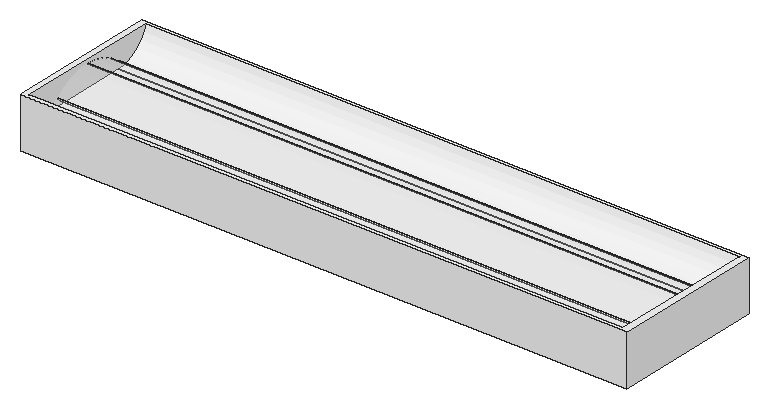
Revit family "LCAT-G", category Lighting Fixtures, host Face, Revit 2014
Parameters (values of type "LCAT-G-14")
  zz Length = Row Length - 1"  # 47"
  Width = 12"
  Warranty = "Five-year warranty"  # constant formula
  Voltage = 120 V
  Wattage Comments = "40-80 W"  # constant formula
  URL = "https://www.hubbell.com/columbialighting/en/"
  Product Page URL = "https://www.hubbell.com/columbialighting/en/Products/Lighting-Controls/Commercial-Indoor-Lighting/Recessed-Linear-Troffers/LCAT/p/222238"
  Product Documentation Link = "https://hubbellcdn.com/specsheet/lcat14.pdf"
  Photometric Web = Web LCAT : LCAT14-30MLG-EDU
  Model = "LCAT-G"  # constant formula
  Manufacturer = "Columbia Lighting"  # constant formula
  Row Length = 48"
  Load Classification = Lighting
  Lamp = "LED lamp"  # constant formula
  Light Bulb = Hubbell - White Glass
  Description = "LCAT provides both design and value with an architectural appearance, LED technology to reduce maintenance and a wide range of options for classrooms, offices, retail and health care applications"  # constant formula
  Default Elevation = 48"
  Backbox = Hubbell - White
  Apparent Load = 0 VA
Types (4): name | zz Length | Width | URL | Product Page URL | Product Documentation Link | Photometric Web | Row Length | Load Classification
  (no name) | 47" | 12" | "https://www.hubbell.com/columbialighting/en/" | "https://www.hubbell.com/columbialighting/en/Products/Lighting-Controls/Commercial-Indoor-Lighting/Recessed-Linear-Troffers/LCAT/p/222238" | "https://hubbellcdn.com/specsheet/lcat14.pdf" | Web LCAT : LCAT14-30MLG-EDU | 48" | Lighting
  LCAT-G-14 | 47" | 12" | "https://www.hubbell.com/columbialighting/en/" | "https://www.hubbell.com/columbialighting/en/Products/Lighting-Controls/Commercial-Indoor-Lighting/Recessed-Linear-Troffers/LCAT/p/222238" | "https://hubbellcdn.com/specsheet/lcat14.pdf" | Web LCAT : LCAT14-30MLG-EDU | 48" | Lighting
  LCAT-G-22 | 23" | 23 3/4" | "http://www.columbialighting.com/" | "http://www.columbialighting.com/products/lcat" | "http://cdn.columbialighting.com/content/products/specs/specs_files/lcat22.pdf" | Web LCAT : LCAT22-40VLG-EDU | 24" | Other
  LCAT-G-24 | 47" | 25" | "http://www.columbialighting.com/" | "http://www.columbialighting.com/products/lcat" | "http://cdn.columbialighting.com/content/products/specs/specs_files/lcat24.pdf" | Web LCAT : LCAT24-40XLG-EDU | 48" | Other
Reference planes (in)
  plane 1 "Center (Front/Back)": y = 0.03999
  plane 2: z = 0
  plane 3 "Center (Left/Right)": x = 1.66944
  plane 4: x = -22.33056
  plane 5: x = 25.66944
  plane 6: z = -4
  plane 7: y = -5.96001
  plane 8: y = 6.03999
  plane 9: z = 0.125
Forms (in)
  Extrusion 1, void
    sketch origin (0, 0.03999, 0) x (1, 0, 0) y (0, 0, 1)
      loop
        line (-22.33056, 0) -> (-22.33056, -4) -> (25.66944, -4) -> (25.66944, 0) -> (-22.33056, 0)
    from -6 to 6
Dimensions and locks (in)
  equal spacing: plane 5, plane 3 "Center (Left/Right)", plane 4
  "Row Length": plane 5 to plane 4
  equal spacing: plane 7, plane 1 "Center (Front/Back)", plane 8
  "Width": plane 7 to plane 8
  plane 9 to plane 2 = 1/8"
  aligned and locked: plane 2 to host face
  aligned and locked: level to host face
  aligned and locked: Extrusion 1 sketch curve to level
  aligned and locked: plane 4 to Extrusion 1 sketch curve
  aligned and locked: Extrusion 1 sketch curve to plane 5
  aligned and locked: plane 6 to Extrusion 1 sketch curve
  aligned and locked: Extrusion 1 to plane 8
  aligned and locked: plane 3 "Center (Left/Right)" to nested 1
  aligned and locked: plane 1 "Center (Front/Back)" to nested 1
  aligned and locked: Extrusion 1 to plane 7
  aligned and locked: plane 3 "Center (Left/Right)" to nested 2
Automatic sketch dimensions
  host sketch curve to host sketch curve = 96"  (x2)
Nested families (in)
  nested 1: "LED Contemporary Architectural Troffer" at (1.66944, 0.03999, -4), Glass <- "Light Bulb", Finish <- "Backbox", Width <- "Width", Row Length <- "Row Length", type "LED Contemporary Architectural Troffer"
    with Width 12", Row Length 48", Height 4", Glass Hubbell - White Glass, Finish Hubbell - White
  nested 2: "Web LCAT" at (1.70943, 0.27895, 0.12811) x (0, 1, 0) z (0, 0, 1), type <- "Photometric Web", type "LCAT14-30MLG-EDU"
Connectors (in)
  electrical at (1.66944, 0.03999, -4), driven by "Voltage", driven by "Description", driven by "Load Classification"
    settings: on nested 1, index 1, voltage 120 V, apparent load 0 VA, apparent load phase1 0 VA, apparent load phase2 0 VA, apparent load phase3 0 VA, power factor 1, load classification "Lighting", number of poles 1, system type 30, power factor state 1, is connector primary yes, connector utility no, sub classification motor no, connector description "LCAT provides both design and value with an architectural appearance, LED technology to reduce maintenance and a wide range of options for classrooms, offices, retail and health care applications"
Definition of nested family "LED Contemporary Architectural Troffer"
  Parameters (values of type "LED Contemporary Architectural Troffer")
    Width [instance] = 24"
    Row Length [instance] = 24"
    Height [instance] = 4"
    Glass [instance] = none
    Finish [instance] = none
    Default Elevation = 48"
  Reference planes (in)
    plane 1 "Center (Front/Back)": y = 0
    plane 2: z = 0
    plane 3 "Center (Left/Right)": x = 0
    plane 4: x = 12
    plane 5: x = -12
    plane 6: y = -12
    plane 7: y = 12
    plane 8: z = 4
    plane 9: x = -11.5
    plane 10: x = 11.5
    plane 11: y = -3
    plane 12: y = 3
    plane 13: z = 2
    plane 14: y = -11.75
    plane 15: y = 11.75
    plane 16: z = 0.25
  Forms (in)
    Extrusion 1, solid
      sketch origin (0, 0, 0) x (1, 0, 0) y (0, 1, 0)
        loop
          line (-48, 48) -> (-48, -48) -> (48, -48) -> (48, 48) -> (-48, 48)
      from 0 to -12
    Extrusion 2, solid, material <- "Glass"
      sketch origin (0, 0, 0) x (0, 1, 0) y (0, 0, 1)
        loop
          arc (-3.0054, 2) -> (-3.2554, 2.25) -> (-3.0054, 2.5) r 0.25
          arc (-3.0054, 2.5) -> (-1.62233, 3.40315) -> (0, 3.71395) r 4.27102
          arc (0, 3.71395) -> (1.62233, 3.40315) -> (3.0054, 2.5) r 4.27102
          arc (3.0054, 2.5) -> (3.2554, 2.25) -> (3.0054, 2) r 0.25
          line (3.0054, 2) -> (3.0054, 1.89823)
          arc (3.0054, 1.89823) -> (3.35619, 2.24902) -> (3.0054, 2.59982) r 0.35079
          arc (3.0054, 2.59982) -> (1.6184, 3.48995) -> (0, 3.80122) r 4.35698
          arc (0, 3.80122) -> (-1.6184, 3.48995) -> (-3.0054, 2.59982) r 4.35698
          arc (-3.0054, 2.59982) -> (-3.35619, 2.24902) -> (-3.0054, 1.89823) r 0.35079
          line (-3.0054, 1.89823) -> (-3.0054, 2)
      from -11.5 to 11.5
    Extrusion 3, solid, material <- "Finish"
      sketch origin (0, 0, 0) x (0, 1, 0) y (0, 0, 1)
        loop
          line (-12, 4) -> (-12, 0) -> (12, 0) -> (12, 4) -> (-12, 4)
      from 11.5 to 12
    Extrusion 4, solid, material <- "Finish"
      sketch origin (0, 0, 0) x (0, 1, 0) y (0, 0, 1)
        loop
          line (12, 4) -> (-12, 4) -> (-12, 0) -> (12, 0) -> (12, 4)
      from -12 to -11.5
    Extrusion 5, solid, material <- "Finish"
      sketch origin (0, 0, 0) x (0, 1, 0) y (0, 0, 1)
        loop
          line (-12, 0) -> (12, 0) -> (12, 4) -> (11.75, 4) -> (11.75, 0.25) -> (-11.75, 0.25) -> (-11.75, 4) -> (-12, 4) -> (-12, 0)
      from -11.5 to 11.5
    Extrusion 6, solid, material <- "Finish"
      sketch origin (0, 0, 0) x (0, 1, 0) y (0, 0, 1)
        loop
          arc (-3, 2) -> (-7.48783, 2.50637) -> (-11.75, 4) r 20.14062
          line (-11.75, 4) -> (-11.75, 0.25) -> (11.75, 0.25) -> (11.75, 4)
          arc (11.75, 4) -> (7.48783, 2.50637) -> (3, 2) r 20.14062
          line (3, 2) -> (-3, 2)
      from -12 to 12
  Cuts and joins
    joined: Extrusion 3, Extrusion 4, Extrusion 5, Extrusion 6
  Dimensions and locks (in)
    equal spacing: plane 4, plane 3 "Center (Left/Right)", plane 5
    "Row Length": plane 4 to plane 5
    equal spacing: plane 6, plane 1 "Center (Front/Back)", plane 7
    "Width": plane 6 to plane 7
    "Height": plane 8 to plane 2
    equal spacing: plane 10, plane 3 "Center (Left/Right)", plane 9
    locked: plane 9 to plane 5 at 0.5
    equal spacing: plane 11, plane 1 "Center (Front/Back)", plane 12
    locked: plane 11 to plane 1 "Center (Front/Back)" at 3
    locked: plane 6 to plane 14 at 0.25
    equal spacing: plane 14, plane 1 "Center (Front/Back)", plane 15
    locked: plane 16 to level at 0.25
    level to Extrusion 5 = 4"
    aligned and locked: plane 2 to Extrusion 1
    aligned and locked: level to Extrusion 1
    aligned and locked: Extrusion 2 to plane 10
    aligned and locked: Extrusion 2 to plane 9
    aligned and locked: plane 8 to Extrusion 3 sketch curve
    aligned and locked: plane 6 to Extrusion 3 sketch curve
    aligned and locked: level to Extrusion 3 sketch curve
    aligned and locked: Extrusion 3 sketch curve to plane 7
    aligned and locked: plane 4 to Extrusion 3
    aligned and locked: plane 10 to Extrusion 3
    aligned and locked: Extrusion 4 sketch curve to Extrusion 3  (x4)
    aligned and locked: Extrusion 4 to plane 5
    aligned and locked: plane 9 to Extrusion 4
    aligned and locked: Extrusion 5 sketch curve to Extrusion 3  (x4)
    aligned and locked: plane 8 to Extrusion 5 sketch curve
    aligned and locked: Extrusion 5 sketch curve to plane 14
    aligned and locked: plane 16 to Extrusion 5 sketch curve
    aligned and locked: Extrusion 5 sketch curve to plane 15
    aligned and locked: Extrusion 5 to plane 10
    aligned and locked: Extrusion 5 to plane 9
    aligned and locked: plane 13 to Extrusion 6 sketch curve
    aligned and locked: plane 12 to Extrusion 6 sketch curve
    aligned and locked: plane 11 to Extrusion 6 sketch curve
    aligned and locked: Extrusion 6 sketch curve to plane 14
    aligned and locked: plane 16 to Extrusion 6 sketch curve
    aligned and locked: Extrusion 6 sketch curve to plane 15
    aligned and locked: plane 4 to Extrusion 6
    aligned and locked: Extrusion 6 to plane 5
  Automatic sketch dimensions
    Extrusion 1 sketch curve to Extrusion 1 sketch curve = 96"  (x2)
    plane 13 to Extrusion 2 sketch curve = 0"  (x2)
    Extrusion 2 sketch curve to plane 1 "Center (Front/Back)" = 0"  (x2)
    plane 1 "Center (Front/Back)" to Extrusion 2 sketch curve = 0.00113"
    Extrusion 2 sketch curve to Extrusion 2 sketch curve = 0.0216"  (x2)
    Extrusion 2 sketch curve to plane 11 = 0.0054"
    Extrusion 2 sketch curve to plane 1 "Center (Front/Back)" = 0.00113"
    Extrusion 2 sketch curve to plane 12 = 0.0054"
    plane 13 to Extrusion 2 sketch curve = 0.10177"  (x2)
    Extrusion 2 sketch curve to level = 0.55575"
    Extrusion 2 sketch curve to Extrusion 2 sketch curve = 0"
    Extrusion 2 sketch curve to Extrusion 2 sketch curve = 0.00126"  (x2)
    Extrusion 2 sketch curve to Extrusion 2 sketch curve = 0.24902"
    Extrusion 2 sketch curve to Extrusion 2 sketch curve = 0.00098"
    plane 8 to Extrusion 6 sketch curve = 0"  (x2)
Definition of nested family "Web LCAT"
  Parameters (values of type "LCAT24-50XLG-EDU")
    Wattage Comments = ""
    Wattage = 80 W
    built-in parameter 1150110 = 1 (stored number, unit not read)
    URL = ""
    built-in parameter 1114217 = 1 (stored number, unit not read)
    Tilt Angle = 90.00°
    built-in parameter 1150109 = 1 (stored number, unit not read)
    built-in parameter 1150134 = 2
    built-in parameter 1150113 = 1 (stored number, unit not read)
    Product Page URL = ""
    Product Documentation Link = ""
    Photometric Web File = "LCAT24-50XLG-EDU.ies"
    Model = ""
    Manufacturer Phone = ""
    Manufacturer Fax = ""
    Manufacturer = ""
    built-in parameter 1150105 = 585.69 (stored number, unit not read)
    Lumens = 7360 lm
    built-in parameter 1150115 = 1 (stored number, unit not read)
    built-in parameter 1150137 = (empty or 0)
    built-in parameter 1150139 = (empty or 0)
    built-in parameter 1150112 = 1 (stored number, unit not read)
    built-in parameter 1150114 = 1 (stored number, unit not read)
    Lamp = ""
    built-in parameter 1150132 = (empty or 0)
    built-in parameter 1150102 = (empty or 0)
    built-in parameter 1150107 = 5000 (stored number, unit not read)
    built-in parameter 1150138 = (empty or 0)
    built-in parameter 1150106 = 5.8569 (stored number, unit not read)
    Emit from Rectangle Width = 6"
    Emit from Rectangle Length = 47"
    Emit Shape Visible in Rendering = no
    built-in parameter 1150104 = 8.5471 (stored number, unit not read)
    Dimming Lamp Color Temperature Shift = (empty or 0)
    Description = ""
    Default Elevation = 48"
    Color Filter = 16777215
    built-in parameter 1114218 = 1 (stored number, unit not read)
    built-in parameter 1150133 = 10 (stored number, unit not read)
  Types (52): name | Wattage | built-in parameter 1150134 | Photometric Web File | built-in parameter 1150105 | Lumens | built-in parameter 1150107 | built-in parameter 1150106 | Emit from Rectangle Length | built-in parameter 1150104
    LCAT14-30HLG-EDU | 49 W | (empty or 0) | "LCAT14-30HLG-EDU.ies" | 382.13 (stored number, unit not read) | 4802 lm | 3000 (stored number, unit not read) | 3.8213 (stored number, unit not read) | 47" | 9.1045 (stored number, unit not read)
    LCAT14-30LWG-EDU | 40 W | (empty or 0) | "LCAT14-30LWG-EDU.ies" | 321.49 (stored number, unit not read) | 4040 lm | 3000 (stored number, unit not read) | 3.2149 (stored number, unit not read) | 47" | 9.3832 (stored number, unit not read)
    LCAT14-30MLG-EDU | 40 W | (empty or 0) | "LCAT14-30MLG-EDU.ies" | 337.41 (stored number, unit not read) | 4240 lm | 3000 (stored number, unit not read) | 3.3741 (stored number, unit not read) | 47" | 9.8477 (stored number, unit not read)
    LCAT14-30VLG-EDU | 65 W | (empty or 0) | "LCAT14-30VLG-EDU.ies" | 506.91 (stored number, unit not read) | 6370 lm | 3000 (stored number, unit not read) | 5.0691 (stored number, unit not read) | 47" | 9.1045 (stored number, unit not read)
    LCAT14-35HLG-EDU | 49 W | (empty or 0) | "LCAT14-35HLG-EDU.ies" | 382.13 (stored number, unit not read) | 4802 lm | 3500 (stored number, unit not read) | 3.8213 (stored number, unit not read) | 47" | 9.1045 (stored number, unit not read)
    LCAT14-35LWG-EDU | 40 W | (empty or 0) | "LCAT14-35LWG-EDU.ies" | 321.49 (stored number, unit not read) | 4040 lm | 3500 (stored number, unit not read) | 3.2149 (stored number, unit not read) | 47" | 9.3832 (stored number, unit not read)
    LCAT14-35MLG-EDU | 40 W | (empty or 0) | "LCAT14-35MLG-EDU.ies" | 337.41 (stored number, unit not read) | 4240 lm | 3500 (stored number, unit not read) | 3.3741 (stored number, unit not read) | 47" | 9.8477 (stored number, unit not read)
    LCAT14-35VLG-EDU | 65 W | (empty or 0) | "LCAT14-35VLG-EDU.ies" | 506.91 (stored number, unit not read) | 6370 lm | 3500 (stored number, unit not read) | 5.0691 (stored number, unit not read) | 47" | 9.1045 (stored number, unit not read)
    LCAT14-40HLG-EDU | 49 W | 12 | "LCAT14-40HLG-EDU.ies" | 382.13 (stored number, unit not read) | 4802 lm | 4000 (stored number, unit not read) | 3.8213 (stored number, unit not read) | 47" | 9.1045 (stored number, unit not read)
    LCAT14-40LWG-EDU | 40 W | 12 | "LCAT14-40LWG-EDU.ies" | 321.49 (stored number, unit not read) | 4040 lm | 4000 (stored number, unit not read) | 3.2149 (stored number, unit not read) | 47" | 9.3832 (stored number, unit not read)
    LCAT14-40MLG-EDU | 40 W | 12 | "LCAT14-40MLG-EDU.ies" | 337.41 (stored number, unit not read) | 4240 lm | 4000 (stored number, unit not read) | 3.3741 (stored number, unit not read) | 47" | 9.8477 (stored number, unit not read)
    LCAT14-40VLG-EDU | 65 W | 12 | "LCAT14-40VLG-EDU.ies" | 506.91 (stored number, unit not read) | 6370 lm | 4000 (stored number, unit not read) | 5.0691 (stored number, unit not read) | 47" | 9.1045 (stored number, unit not read)
    LCAT14-50HLG-EDU | 49 W | 2 | "LCAT14-50HLG-EDU.ies" | 382.13 (stored number, unit not read) | 4802 lm | 5000 (stored number, unit not read) | 3.8213 (stored number, unit not read) | 47" | 9.1045 (stored number, unit not read)
    LCAT14-50LWG-EDU | 40 W | 2 | "LCAT14-50LWG-EDU.ies" | 321.49 (stored number, unit not read) | 4040 lm | 5000 (stored number, unit not read) | 3.2149 (stored number, unit not read) | 47" | 9.3832 (stored number, unit not read)
    LCAT14-50MLG-EDU | 40 W | 2 | "LCAT14-50MLG-EDU.ies" | 337.41 (stored number, unit not read) | 4240 lm | 5000 (stored number, unit not read) | 3.3741 (stored number, unit not read) | 47" | 9.8477 (stored number, unit not read)
    LCAT14-50VLG-EDU | 65 W | 2 | "LCAT14-50VLG-EDU.ies" | 506.91 (stored number, unit not read) | 6370 lm | 5000 (stored number, unit not read) | 5.0691 (stored number, unit not read) | 47" | 9.1045 (stored number, unit not read)
    LCAT22-30HLG-EDU | 49 W | (empty or 0) | "LCAT22-30HLG-EDU.ies" | 382.13 (stored number, unit not read) | 4802 lm | 3000 (stored number, unit not read) | 3.8213 (stored number, unit not read) | 23" | 9.1045 (stored number, unit not read)
    LCAT22-30LWG-EDU | 40 W | (empty or 0) | "LCAT22-30LWG-EDU.ies" | 321.49 (stored number, unit not read) | 4040 lm | 3000 (stored number, unit not read) | 3.2149 (stored number, unit not read) | 23" | 9.3832 (stored number, unit not read)
    LCAT22-30MLG-EDU | 40 W | (empty or 0) | "LCAT22-30MLG-EDU.ies" | 337.41 (stored number, unit not read) | 4240 lm | 3000 (stored number, unit not read) | 3.3741 (stored number, unit not read) | 23" | 9.8477 (stored number, unit not read)
    LCAT22-30VLG-EDU | 65 W | (empty or 0) | "LCAT22-30VLG-EDU.ies" | 506.91 (stored number, unit not read) | 6370 lm | 3000 (stored number, unit not read) | 5.0691 (stored number, unit not read) | 23" | 9.1045 (stored number, unit not read)
    LCAT22-35HLG-EDU | 49 W | (empty or 0) | "LCAT22-35HLG-EDU.ies" | 382.13 (stored number, unit not read) | 4802 lm | 3500 (stored number, unit not read) | 3.8213 (stored number, unit not read) | 23" | 9.1045 (stored number, unit not read)
    LCAT22-35LWG-EDU | 40 W | (empty or 0) | "LCAT22-35LWG-EDU.ies" | 321.49 (stored number, unit not read) | 4040 lm | 3500 (stored number, unit not read) | 3.2149 (stored number, unit not read) | 23" | 9.3832 (stored number, unit not read)
    LCAT22-35MLG-EDU | 40 W | (empty or 0) | "LCAT22-35MLG-EDU.ies" | 337.41 (stored number, unit not read) | 4240 lm | 3500 (stored number, unit not read) | 3.3741 (stored number, unit not read) | 23" | 9.8477 (stored number, unit not read)
    LCAT22-35VLG-EDU | 65 W | (empty or 0) | "LCAT22-35VLG-EDU.ies" | 506.91 (stored number, unit not read) | 6370 lm | 3500 (stored number, unit not read) | 5.0691 (stored number, unit not read) | 23" | 9.1045 (stored number, unit not read)
    LCAT22-40HLG-EDU | 49 W | 12 | "LCAT22-40HLG-EDU.ies" | 382.13 (stored number, unit not read) | 4802 lm | 4000 (stored number, unit not read) | 3.8213 (stored number, unit not read) | 23" | 9.1045 (stored number, unit not read)
    LCAT22-40LWG-EDU | 40 W | 12 | "LCAT22-40LWG-EDU.ies" | 321.49 (stored number, unit not read) | 4040 lm | 4000 (stored number, unit not read) | 3.2149 (stored number, unit not read) | 23" | 9.3832 (stored number, unit not read)
    LCAT22-40MLG-EDU | 40 W | 12 | "LCAT22-40MLG-EDU.ies" | 337.41 (stored number, unit not read) | 4240 lm | 4000 (stored number, unit not read) | 3.3741 (stored number, unit not read) | 23" | 9.8477 (stored number, unit not read)
    LCAT22-40VLG-EDU | 65 W | 12 | "LCAT22-40VLG-EDU.ies" | 506.91 (stored number, unit not read) | 6370 lm | 4000 (stored number, unit not read) | 5.0691 (stored number, unit not read) | 23" | 9.1045 (stored number, unit not read)
    LCAT22-50HLG-EDU | 49 W | 2 | "LCAT22-50HLG-EDU.ies" | 382.13 (stored number, unit not read) | 4802 lm | 5000 (stored number, unit not read) | 3.8213 (stored number, unit not read) | 23" | 9.1045 (stored number, unit not read)
    LCAT22-50LWG-EDU | 40 W | 2 | "LCAT22-50LWG-EDU.ies" | 321.49 (stored number, unit not read) | 4040 lm | 5000 (stored number, unit not read) | 3.2149 (stored number, unit not read) | 23" | 9.3832 (stored number, unit not read)
    LCAT22-50MLG-EDU | 40 W | 2 | "LCAT22-50MLG-EDU.ies" | 337.41 (stored number, unit not read) | 4240 lm | 5000 (stored number, unit not read) | 3.3741 (stored number, unit not read) | 23" | 9.8477 (stored number, unit not read)
    LCAT22-50VLG-EDU | 65 W | 2 | "LCAT22-50VLG-EDU.ies" | 506.91 (stored number, unit not read) | 6370 lm | 5000 (stored number, unit not read) | 5.0691 (stored number, unit not read) | 23" | 9.1045 (stored number, unit not read)
    LCAT24-30HLG-EDU | 49 W | (empty or 0) | "LCAT24-30HLG-EDU.ies" | 382.13 (stored number, unit not read) | 4802 lm | 3000 (stored number, unit not read) | 3.8213 (stored number, unit not read) | 47" | 9.1045 (stored number, unit not read)
    LCAT24-30LWG-EDU | 40 W | (empty or 0) | "LCAT24-30LWG-EDU.ies" | 321.49 (stored number, unit not read) | 4040 lm | 3000 (stored number, unit not read) | 3.2149 (stored number, unit not read) | 47" | 9.3832 (stored number, unit not read)
    LCAT24-30MLG-EDU | 40 W | (empty or 0) | "LCAT24-30MLG-EDU.ies" | 337.41 (stored number, unit not read) | 4240 lm | 3000 (stored number, unit not read) | 3.3741 (stored number, unit not read) | 47" | 9.8477 (stored number, unit not read)
    LCAT24-30VLG-EDU | 65 W | (empty or 0) | "LCAT24-30VLG-EDU.ies" | 506.91 (stored number, unit not read) | 6370 lm | 3000 (stored number, unit not read) | 5.0691 (stored number, unit not read) | 47" | 9.1045 (stored number, unit not read)
    LCAT24-30XLG-EDU | 80 W | (empty or 0) | "LCAT24-30XLG-EDU.ies" | 585.69 (stored number, unit not read) | 7360 lm | 3000 (stored number, unit not read) | 5.8569 (stored number, unit not read) | 47" | 8.5471 (stored number, unit not read)
    LCAT24-35HLG-EDU | 49 W | (empty or 0) | "LCAT24-35HLG-EDU.ies" | 382.13 (stored number, unit not read) | 4802 lm | 3500 (stored number, unit not read) | 3.8213 (stored number, unit not read) | 47" | 9.1045 (stored number, unit not read)
    LCAT24-35LWG-EDU | 40 W | (empty or 0) | "LCAT24-35LWG-EDU.ies" | 321.49 (stored number, unit not read) | 4040 lm | 3500 (stored number, unit not read) | 3.2149 (stored number, unit not read) | 47" | 9.3832 (stored number, unit not read)
    LCAT24-35MLG-EDU | 40 W | (empty or 0) | "LCAT24-35MLG-EDU.ies" | 337.41 (stored number, unit not read) | 4240 lm | 3500 (stored number, unit not read) | 3.3741 (stored number, unit not read) | 47" | 9.8477 (stored number, unit not read)
    LCAT24-35VLG-EDU | 65 W | (empty or 0) | "LCAT24-35VLG-EDU.ies" | 506.91 (stored number, unit not read) | 6370 lm | 3500 (stored number, unit not read) | 5.0691 (stored number, unit not read) | 47" | 9.1045 (stored number, unit not read)
    LCAT24-35XLG-EDU | 80 W | (empty or 0) | "LCAT24-35XLG-EDU.ies" | 585.69 (stored number, unit not read) | 7360 lm | 3500 (stored number, unit not read) | 5.8569 (stored number, unit not read) | 47" | 8.5471 (stored number, unit not read)
    LCAT24-40HLG-EDU | 49 W | 12 | "LCAT24-40HLG-EDU.ies" | 382.13 (stored number, unit not read) | 4802 lm | 4000 (stored number, unit not read) | 3.8213 (stored number, unit not read) | 47" | 9.1045 (stored number, unit not read)
    LCAT24-40LWG-EDU | 40 W | 12 | "LCAT24-40LWG-EDU.ies" | 321.49 (stored number, unit not read) | 4040 lm | 4000 (stored number, unit not read) | 3.2149 (stored number, unit not read) | 47" | 9.3832 (stored number, unit not read)
    LCAT24-40MLG-EDU | 40 W | 12 | "LCAT24-40MLG-EDU.ies" | 337.41 (stored number, unit not read) | 4240 lm | 4000 (stored number, unit not read) | 3.3741 (stored number, unit not read) | 47" | 9.8477 (stored number, unit not read)
    LCAT24-40VLG-EDU | 65 W | 12 | "LCAT24-40VLG-EDU.ies" | 506.91 (stored number, unit not read) | 6370 lm | 4000 (stored number, unit not read) | 5.0691 (stored number, unit not read) | 47" | 9.1045 (stored number, unit not read)
    LCAT24-40XLG-EDU | 80 W | 12 | "LCAT24-40XLG-EDU.ies" | 585.69 (stored number, unit not read) | 7360 lm | 4000 (stored number, unit not read) | 5.8569 (stored number, unit not read) | 47" | 8.5471 (stored number, unit not read)
    LCAT24-50HLG-EDU | 49 W | 2 | "LCAT24-50HLG-EDU.ies" | 382.13 (stored number, unit not read) | 4802 lm | 5000 (stored number, unit not read) | 3.8213 (stored number, unit not read) | 47" | 9.1045 (stored number, unit not read)
    LCAT24-50LWG-EDU | 40 W | 2 | "LCAT24-50LWG-EDU.ies" | 321.49 (stored number, unit not read) | 4040 lm | 5000 (stored number, unit not read) | 3.2149 (stored number, unit not read) | 47" | 9.3832 (stored number, unit not read)
    LCAT24-50MLG-EDU | 40 W | 2 | "LCAT24-50MLG-EDU.ies" | 337.41 (stored number, unit not read) | 4240 lm | 5000 (stored number, unit not read) | 3.3741 (stored number, unit not read) | 47" | 9.8477 (stored number, unit not read)
    LCAT24-50VLG-EDU | 65 W | 2 | "LCAT24-50VLG-EDU.ies" | 506.91 (stored number, unit not read) | 6370 lm | 5000 (stored number, unit not read) | 5.0691 (stored number, unit not read) | 47" | 9.1045 (stored number, unit not read)
    LCAT24-50XLG-EDU | 80 W | 2 | "LCAT24-50XLG-EDU.ies" | 585.69 (stored number, unit not read) | 7360 lm | 5000 (stored number, unit not read) | 5.8569 (stored number, unit not read) | 47" | 8.5471 (stored number, unit not read)
  Reference planes (in)
    plane 1 "Center (Front/Back)": y = 0.03999
    plane 2: z = 0
    plane 3 "Center (Left/Right)": x = -0.23896
  Forms (in)
    Extrusion 1, solid
      sketch origin (0, 0, 0.06357) x (1, 0, 0) y (0, 1, 0)
        loop
          line (-48, 48) -> (-48, -48) -> (48, -48) -> (48, 48) -> (-48, 48)
      from -0.06357 to -17.74365
  Lines and regions (in)
    reference lines
      curve 1: line (-0.23896, 0.03999, 18.11448) -> (-0.23896, 0.03999, -22.88552)
      curve 2: line (-0.23896, 0.03999, 34) -> (-0.23896, 0.03999, -22.88552)
  Dimensions and locks (in)
    aligned and locked: plane 2 to Extrusion 1
    aligned and locked: level to Extrusion 1
    aligned and locked: curve 1 to plane 3 "Center (Left/Right)"
    aligned and locked: plane 1 "Center (Front/Back)" to curve 2
    aligned and locked: imposter light to plane 1 "Center (Front/Back)"
    aligned and locked: imposter light to level
    aligned and locked: plane 3 "Center (Left/Right)" to imposter light
